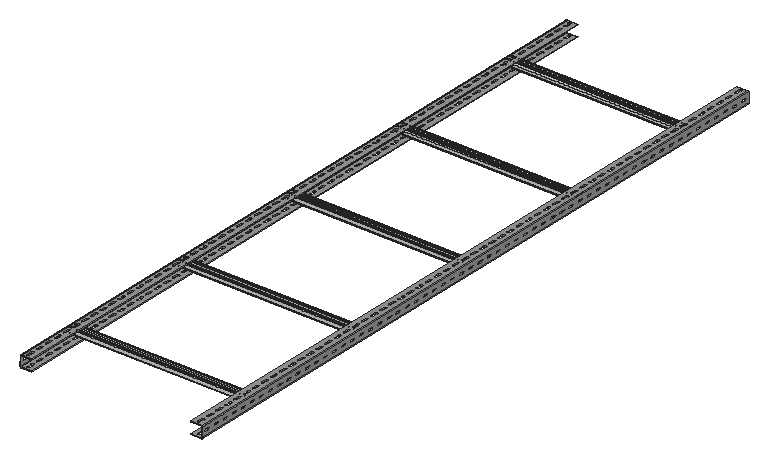
Revit family "steigeleiter_8_FT_FTSO_FTK_A2_A4.800rfa", category Generic Models, Revit 2017 (continued)
Automatic sketch dimensions
  Extrusion 204 sketch curve to Extrusion 204 sketch curve = 19 mm
  Extrusion 205 sketch curve to Extrusion 205 sketch curve = 19 mm
  Extrusion 206 sketch curve to Extrusion 206 sketch curve = 19 mm
  Extrusion 207 sketch curve to Extrusion 207 sketch curve = 19 mm
  Extrusion 208 sketch curve to Extrusion 208 sketch curve = 19 mm
  Extrusion 209 sketch curve to Extrusion 209 sketch curve = 19 mm
  Extrusion 210 sketch curve to Extrusion 210 sketch curve = 19 mm
  Extrusion 211 sketch curve to Extrusion 211 sketch curve = 19 mm
  Extrusion 212 sketch curve to Extrusion 212 sketch curve = 19 mm
  Extrusion 213 sketch curve to Extrusion 213 sketch curve = 19 mm
  Extrusion 214 sketch curve to Extrusion 214 sketch curve = 19 mm
  Extrusion 215 sketch curve to Extrusion 215 sketch curve = 19 mm
  Extrusion 216 sketch curve to Extrusion 216 sketch curve = 19 mm
  Extrusion 217 sketch curve to Extrusion 217 sketch curve = 19 mm
  Extrusion 218 sketch curve to Extrusion 218 sketch curve = 19 mm
  Extrusion 219 sketch curve to Extrusion 219 sketch curve = 19 mm
  Extrusion 220 sketch curve to Extrusion 220 sketch curve = 19 mm
  Extrusion 221 sketch curve to Extrusion 221 sketch curve = 19 mm
  Extrusion 222 sketch curve to Extrusion 222 sketch curve = 19 mm
  Extrusion 223 sketch curve to Extrusion 223 sketch curve = 19 mm
  Extrusion 224 sketch curve to Extrusion 224 sketch curve = 19 mm
  Extrusion 225 sketch curve to Extrusion 225 sketch curve = 19 mm
  Extrusion 226 sketch curve to Extrusion 226 sketch curve = 19 mm
  Extrusion 227 sketch curve to Extrusion 227 sketch curve = 19 mm
  Extrusion 228 sketch curve to Extrusion 228 sketch curve = 19 mm
  Extrusion 229 sketch curve to Extrusion 229 sketch curve = 19 mm
  Extrusion 230 sketch curve to Extrusion 230 sketch curve = 19 mm
  Extrusion 231 sketch curve to Extrusion 231 sketch curve = 19 mm
  Extrusion 232 sketch curve to Extrusion 232 sketch curve = 19 mm
  Extrusion 233 sketch curve to Extrusion 233 sketch curve = 19 mm
  Extrusion 234 sketch curve to Extrusion 234 sketch curve = 19 mm
  Extrusion 235 sketch curve to Extrusion 235 sketch curve = 19 mm
  Extrusion 236 sketch curve to Extrusion 236 sketch curve = 19 mm
  Extrusion 237 sketch curve to Extrusion 237 sketch curve = 19 mm
  Extrusion 238 sketch curve to Extrusion 238 sketch curve = 19 mm
  Extrusion 239 sketch curve to Extrusion 239 sketch curve = 19 mm
  Extrusion 240 sketch curve to Extrusion 240 sketch curve = 19 mm
  Extrusion 241 sketch curve to Extrusion 241 sketch curve = 19 mm
  Extrusion 242 sketch curve to Extrusion 242 sketch curve = 19 mm
  Extrusion 243 sketch curve to Extrusion 243 sketch curve = 19 mm
  Extrusion 244 sketch curve to Extrusion 244 sketch curve = 19 mm
  Extrusion 245 sketch curve to Extrusion 245 sketch curve = 19 mm
  Extrusion 246 sketch curve to Extrusion 246 sketch curve = 19 mm
  Extrusion 247 sketch curve to Extrusion 247 sketch curve = 19 mm
  Extrusion 248 sketch curve to Extrusion 248 sketch curve = 19 mm
  Extrusion 249 sketch curve to Extrusion 249 sketch curve = 19 mm
  Extrusion 250 sketch curve to Extrusion 250 sketch curve = 19 mm
  Extrusion 251 sketch curve to Extrusion 251 sketch curve = 19 mm
  Extrusion 252 sketch curve to Extrusion 252 sketch curve = 19 mm
  Extrusion 253 sketch curve to Extrusion 253 sketch curve = 19 mm
  Extrusion 254 sketch curve to Extrusion 254 sketch curve = 19 mm
  Extrusion 255 sketch curve to Extrusion 255 sketch curve = 19 mm
  Extrusion 256 sketch curve to Extrusion 256 sketch curve = 19 mm
  Extrusion 257 sketch curve to Extrusion 257 sketch curve = 19 mm
  Extrusion 258 sketch curve to Extrusion 258 sketch curve = 19 mm
  Extrusion 259 sketch curve to Extrusion 259 sketch curve = 19 mm
  Extrusion 260 sketch curve to Extrusion 260 sketch curve = 19 mm
  Extrusion 261 sketch curve to Extrusion 261 sketch curve = 19 mm
  Extrusion 262 sketch curve to Extrusion 262 sketch curve = 19 mm
  Extrusion 263 sketch curve to Extrusion 263 sketch curve = 19 mm
  Extrusion 264 sketch curve to Extrusion 264 sketch curve = 19 mm
  Extrusion 265 sketch curve to Extrusion 265 sketch curve = 19 mm
  Extrusion 266 sketch curve to Extrusion 266 sketch curve = 19 mm
  Extrusion 267 sketch curve to Extrusion 267 sketch curve = 19 mm
  Extrusion 268 sketch curve to Extrusion 268 sketch curve = 19 mm
  Extrusion 269 sketch curve to Extrusion 269 sketch curve = 19 mm
  Extrusion 270 sketch curve to Extrusion 270 sketch curve = 19 mm
  Extrusion 271 sketch curve to Extrusion 271 sketch curve = 19 mm
  Extrusion 272 sketch curve to Extrusion 272 sketch curve = 19 mm
  Extrusion 273 sketch curve to Extrusion 273 sketch curve = 19 mm
  Extrusion 274 sketch curve to Extrusion 274 sketch curve = 19 mm
  Extrusion 275 sketch curve to Extrusion 275 sketch curve = 19 mm
  Extrusion 276 sketch curve to Extrusion 276 sketch curve = 19 mm
  Extrusion 277 sketch curve to Extrusion 277 sketch curve = 19 mm
  Extrusion 278 sketch curve to Extrusion 278 sketch curve = 19 mm
  Extrusion 279 sketch curve to Extrusion 279 sketch curve = 19 mm
  Extrusion 280 sketch curve to Extrusion 280 sketch curve = 19 mm
  Extrusion 281 sketch curve to Extrusion 281 sketch curve = 19 mm
  Extrusion 282 sketch curve to Extrusion 282 sketch curve = 19 mm
  Extrusion 283 sketch curve to Extrusion 283 sketch curve = 19 mm
  Extrusion 284 sketch curve to Extrusion 284 sketch curve = 19 mm
  Extrusion 285 sketch curve to Extrusion 285 sketch curve = 19 mm
  Extrusion 286 sketch curve to Extrusion 286 sketch curve = 19 mm
  Extrusion 287 sketch curve to Extrusion 287 sketch curve = 19 mm
  Extrusion 288 sketch curve to Extrusion 288 sketch curve = 19 mm
  Extrusion 289 sketch curve to Extrusion 289 sketch curve = 19 mm
  Extrusion 290 sketch curve to Extrusion 290 sketch curve = 19 mm
  Extrusion 291 sketch curve to Extrusion 291 sketch curve = 19 mm
  Extrusion 292 sketch curve to Extrusion 292 sketch curve = 19 mm
  Extrusion 293 sketch curve to Extrusion 293 sketch curve = 19 mm
  Extrusion 294 sketch curve to Extrusion 294 sketch curve = 19 mm
  Extrusion 295 sketch curve to Extrusion 295 sketch curve = 19 mm
  Extrusion 296 sketch curve to Extrusion 296 sketch curve = 19 mm
  Extrusion 297 sketch curve to Extrusion 297 sketch curve = 19 mm
  Extrusion 298 sketch curve to Extrusion 298 sketch curve = 19 mm
  Extrusion 299 sketch curve to Extrusion 299 sketch curve = 19 mm
  Extrusion 300 sketch curve to Extrusion 300 sketch curve = 19 mm
  Extrusion 301 sketch curve to Extrusion 301 sketch curve = 19 mm
  Extrusion 302 sketch curve to Extrusion 302 sketch curve = 19 mm
  Extrusion 303 sketch curve to Extrusion 303 sketch curve = 19 mm
  Extrusion 304 sketch curve to Extrusion 304 sketch curve = 19 mm
  Extrusion 305 sketch curve to Extrusion 305 sketch curve = 19 mm
  Extrusion 306 sketch curve to Extrusion 306 sketch curve = 19 mm
  Extrusion 307 sketch curve to Extrusion 307 sketch curve = 19 mm
  Extrusion 308 sketch curve to Extrusion 308 sketch curve = 19 mm
  Extrusion 309 sketch curve to Extrusion 309 sketch curve = 19 mm
  Extrusion 310 sketch curve to Extrusion 310 sketch curve = 19 mm
  Extrusion 311 sketch curve to Extrusion 311 sketch curve = 19 mm
  Extrusion 312 sketch curve to Extrusion 312 sketch curve = 19 mm
  Extrusion 313 sketch curve to Extrusion 313 sketch curve = 19 mm
  Extrusion 314 sketch curve to Extrusion 314 sketch curve = 19 mm
  Extrusion 315 sketch curve to Extrusion 315 sketch curve = 19 mm
  Extrusion 316 sketch curve to Extrusion 316 sketch curve = 19 mm
  Extrusion 317 sketch curve to Extrusion 317 sketch curve = 19 mm
  Extrusion 318 sketch curve to Extrusion 318 sketch curve = 19 mm
  Extrusion 319 sketch curve to Extrusion 319 sketch curve = 19 mm
  Extrusion 320 sketch curve to Extrusion 320 sketch curve = 19 mm
  Extrusion 321 sketch curve to Extrusion 321 sketch curve = 19 mm
  Extrusion 322 sketch curve to Extrusion 322 sketch curve = 19 mm
  Extrusion 323 sketch curve to Extrusion 323 sketch curve = 19 mm
  Extrusion 324 sketch curve to Extrusion 324 sketch curve = 19 mm
  Extrusion 325 sketch curve to Extrusion 325 sketch curve = 19 mm
  Extrusion 326 sketch curve to Extrusion 326 sketch curve = 19 mm
  Extrusion 327 sketch curve to Extrusion 327 sketch curve = 19 mm
  Extrusion 328 sketch curve to Extrusion 328 sketch curve = 19 mm
  Extrusion 329 sketch curve to Extrusion 329 sketch curve = 19 mm
  Extrusion 330 sketch curve to Extrusion 330 sketch curve = 19 mm
  Extrusion 331 sketch curve to Extrusion 331 sketch curve = 19 mm
  Extrusion 332 sketch curve to Extrusion 332 sketch curve = 19 mm
  Extrusion 333 sketch curve to Extrusion 333 sketch curve = 19 mm
  Extrusion 334 sketch curve to Extrusion 334 sketch curve = 19 mm
  Extrusion 335 sketch curve to Extrusion 335 sketch curve = 19 mm
  Extrusion 336 sketch curve to Extrusion 336 sketch curve = 19 mm
  Extrusion 337 sketch curve to Extrusion 337 sketch curve = 19 mm
  Extrusion 338 sketch curve to Extrusion 338 sketch curve = 19 mm
  Extrusion 339 sketch curve to Extrusion 339 sketch curve = 19 mm
  Extrusion 340 sketch curve to Extrusion 340 sketch curve = 19 mm
  Extrusion 341 sketch curve to Extrusion 341 sketch curve = 19 mm
  Extrusion 342 sketch curve to Extrusion 342 sketch curve = 19 mm
  Extrusion 343 sketch curve to Extrusion 343 sketch curve = 19 mm
  Extrusion 344 sketch curve to Extrusion 344 sketch curve = 19 mm
  Extrusion 345 sketch curve to Extrusion 345 sketch curve = 19 mm
  Extrusion 346 sketch curve to Extrusion 346 sketch curve = 19 mm
  Extrusion 347 sketch curve to Extrusion 347 sketch curve = 19 mm
  Extrusion 348 sketch curve to Extrusion 348 sketch curve = 19 mm
  Extrusion 349 sketch curve to Extrusion 349 sketch curve = 19 mm
  Extrusion 350 sketch curve to Extrusion 350 sketch curve = 19 mm
  Extrusion 351 sketch curve to Extrusion 351 sketch curve = 19 mm
  Extrusion 352 sketch curve to Extrusion 352 sketch curve = 19 mm
  Extrusion 353 sketch curve to Extrusion 353 sketch curve = 19 mm
  Extrusion 354 sketch curve to Extrusion 354 sketch curve = 19 mm
  Extrusion 355 sketch curve to Extrusion 355 sketch curve = 19 mm
  Extrusion 356 sketch curve to Extrusion 356 sketch curve = 19 mm
  Extrusion 357 sketch curve to Extrusion 357 sketch curve = 19 mm
  Extrusion 358 sketch curve to Extrusion 358 sketch curve = 19 mm
  Extrusion 359 sketch curve to Extrusion 359 sketch curve = 19 mm
  Extrusion 360 sketch curve to Extrusion 360 sketch curve = 19 mm
  Extrusion 361 sketch curve to Extrusion 361 sketch curve = 0 mm  (x20)
  Extrusion 361 sketch curve to Extrusion 361 sketch curve = 1 mm
  Extrusion 361 sketch curve to Extrusion 361 sketch curve = 2.015 mm
  Extrusion 361 sketch curve to Extrusion 361 sketch curve = 2.002 mm
  Extrusion 361 sketch curve to Extrusion 361 sketch curve = 1.044 mm
  Extrusion 361 sketch curve to Extrusion 361 sketch curve = 1.5 mm  (x2)
  Extrusion 362 sketch curve to Extrusion 362 sketch curve = 0 mm  (x20)
  Extrusion 362 sketch curve to Extrusion 362 sketch curve = 1 mm
  Extrusion 362 sketch curve to Extrusion 362 sketch curve = 2.015 mm
  Extrusion 362 sketch curve to Extrusion 362 sketch curve = 2.002 mm
  Extrusion 362 sketch curve to Extrusion 362 sketch curve = 1.044 mm
  Extrusion 362 sketch curve to Extrusion 362 sketch curve = 1.5 mm  (x2)
  Extrusion 362 sketch curve to Extrusion 362 sketch curve = 4.985 mm
  Extrusion 363 sketch curve to Extrusion 363 sketch curve = 0 mm  (x20)
  Extrusion 363 sketch curve to Extrusion 363 sketch curve = 1 mm
  Extrusion 363 sketch curve to Extrusion 363 sketch curve = 2.015 mm
  Extrusion 363 sketch curve to Extrusion 363 sketch curve = 2.002 mm
  Extrusion 363 sketch curve to Extrusion 363 sketch curve = 1.044 mm
  Extrusion 363 sketch curve to Extrusion 363 sketch curve = 1.5 mm  (x2)
  Extrusion 363 sketch curve to Extrusion 363 sketch curve = 4.985 mm
  Extrusion 364 sketch curve to Extrusion 364 sketch curve = 0 mm  (x20)
  Extrusion 364 sketch curve to Extrusion 364 sketch curve = 1 mm
  Extrusion 364 sketch curve to Extrusion 364 sketch curve = 2.015 mm
  Extrusion 364 sketch curve to Extrusion 364 sketch curve = 2.002 mm
  Extrusion 364 sketch curve to Extrusion 364 sketch curve = 1.044 mm
  Extrusion 364 sketch curve to Extrusion 364 sketch curve = 1.5 mm  (x2)
  Extrusion 364 sketch curve to Extrusion 364 sketch curve = 4.985 mm
  Extrusion 365 sketch curve to Extrusion 365 sketch curve = 0 mm  (x20)
  Extrusion 365 sketch curve to Extrusion 365 sketch curve = 1 mm
  Extrusion 365 sketch curve to Extrusion 365 sketch curve = 2.015 mm
  Extrusion 365 sketch curve to Extrusion 365 sketch curve = 2.002 mm
  Extrusion 365 sketch curve to Extrusion 365 sketch curve = 1.044 mm
  Extrusion 365 sketch curve to Extrusion 365 sketch curve = 1.5 mm  (x2)
  Extrusion 365 sketch curve to Extrusion 365 sketch curve = 4.985 mm
  Extrusion 361 sketch curve to Extrusion 361 sketch curve = 4.985 mm
  Extrusion 366 sketch curve to Extrusion 366 sketch curve = 19 mm
